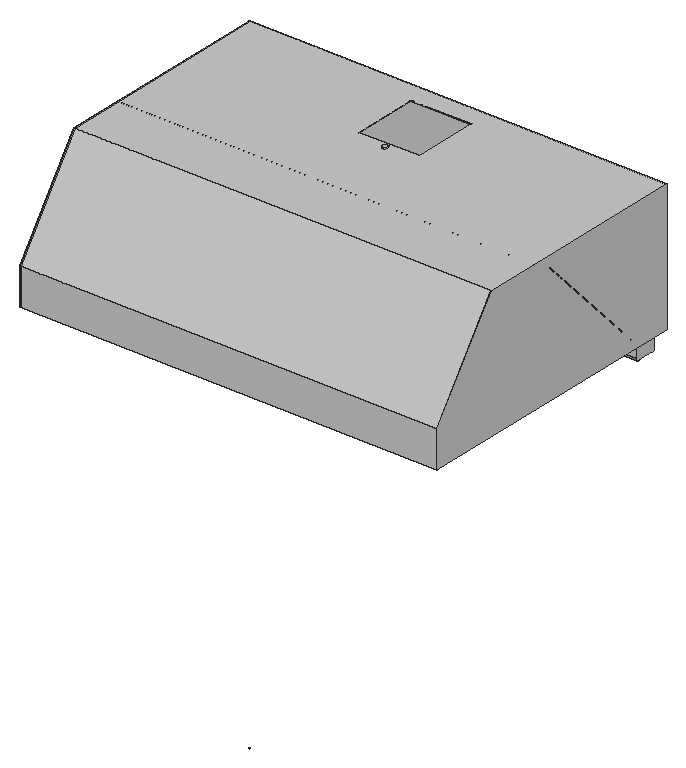
Revit family "QF_ELECTROLUXPROFESSIONAL_644234_ABPV1116DT", category Attrezzature speciali, Revit 2021
Family settings
  Quota connettore circolare = Usa diametro
  Tipo di parte = Normale
  Basato su piano di lavoro = No
  Sempre verticale = Sì
  Taglio con vuoti quando caricato = No
  Condiviso = No
  Punto di calcolo locali = No
Parameters (values of type "Standard")
  Weight = 52.00 kg
  Watts = 550 W
  Volts = 220 V
  URL Manufacturer = "https://www.electroluxprofessional.com/"
  URL = "https://www.electroluxprofessional.com/"
  Steam Supply Size = 0 mm
  Steam Supply Minimum Pressure = 0.0 Pa
  Steam Supply Maximum Pressure = 0.0 Pa
  Steam Consumption per Hour = 0
  Refrigeration Suction Line Size = 0 mm
  Refrigeration Liquid Line Size = 0 mm
  Refrigerant Compressor Remote = yes
  Prospetto di default = 0 mm
  Produttore = "Electrolux Professional"
  Phase = 1
  Modello = "ABPV1116DT"
  Length Actual = 1600 mm  # constant formula
  Item Number = "644234"
  Hot Water Size = 0 mm
  Height Actual = 500 mm  # constant formula
  HP = "0.7 HP"
  Gas Size = 0 mm
  Gas KW = 0
  Gas Input Pressure = 0 W
  Direct Waste Size = 0 mm
  Descrizione = "304 S/S WALL HOOD+FILTER+FAN 1600X1100MM"
  Depth Actual = 1100 mm  # constant formula
  Cycle = 50 Hz
  Condensate Return Size = 0 mm
  Compressed Air Volume = 0.0 L/s
  Compressed Air Size = 0 mm
  Compressed Air Pressure = 0.0 Pa
  Cold Water Size = 0 mm
  Accessory = yes
Reference planes
  plane 1 "Center (Front/Back)": y = 0
  plane 2: z = 0
  plane 3 "Center (Left/Right)": x = 150
  plane 4 "LEFT": x = -650
  plane 5 "RIGHT": x = 950
  plane 6 "BACK": y = 550
  plane 7 "FRONT": y = -550
  plane 8 "TOP": z = 2500
  plane 9 "Base": z = 2000
  plane 10: z = 1926
  plane 11 "DrainY": y = 485
  plane 12: x = -647
  plane 13: through (0, 414.509, 2000.8) normal (0, 0.7314, 0.682)
  plane 14: y = 470
  plane 15: y = 220
  plane 16 "DrainX": x = 830
  plane 17: x = 33.5
  plane 18: x = 266.5
  plane 19: x = 947
  plane 20: x = 740
  plane 21: x = 920
  plane 22: x = -450
  plane 23: x = 750
  plane 24: x = -47.5
  plane 25: x = 347.5
  plane 26: z = 2140
  plane 27: y = -290
  plane 28: y = 200
Forms (mm)
  Extrusion 1, solid, material "QF_Finishes_Stainless Steel"
    sketch origin (-650, 0, 360) x (0, 1, 0) y (0, 0, 1)
      loop
        line (550, 1640) -> (550, 2140) -> (-290, 2140) -> (-550, 1780) -> (-550, 1640) -> (550, 1640)
    from 0 to 3
  Extrusion 2, solid, material "QF_Finishes_Stainless Steel"
    sketch origin (150, 0, 360) x (0, 1, 0) y (0, 0, 1)
      loop
        line (415.255, 1640) -> (550, 1640) -> (550, 2139.19) -> (549.2, 2139.19) -> (549.2, 1640.8) -> (415.876, 1640.8) -> (339.347, 1722.867) -> (349.609, 1732.436) -> (348.927, 1733.167) -> (337.934, 1722.917) -> (415.255, 1640)
      loop
        line (-82.203, 2139.19) -> (-82.203, 2118.6) -> (-31.047, 2118.6) -> (34.354, 2048.466) -> (46.028, 2059.352) -> (45.346, 2060.083) -> (34.403, 2049.879) -> (-30.612, 2119.6) -> (-81.203, 2119.6) -> (-81.203, 2139.19) -> (-82.203, 2139.19)
    from -797 to 797
  Extrusion 3, solid, material "QF_Finishes_Stainless Steel"
    sketch origin (950, 0, 360) x (0, 1, 0) y (0, 0, 1)
      loop
        line (550, 1640) -> (550, 2140) -> (-290, 2140) -> (-550, 1780) -> (-550, 1640) -> (550, 1640)
    from 0 to -3
  Extrusion 4, solid, material "QF_Finishes_Stainless Steel"
    sketch origin (150, 0, 360) x (0, 1, 0) y (0, 0, 1)
      loop
        line (-290, 2140) -> (-550, 1780) -> (-550, 1640) -> (-549.2, 1640) -> (-549.2, 1779.741) -> (-289.598, 2139.19) -> (550, 2139.19) -> (550, 2140) -> (-290, 2140)
    from -800 to 800
  Extrusion 5, solid, material "QF_Finishes_Stainless Steel"
    sketch origin (150, 0, 360) x (0, 1, 0) y (0, 0, 1)
      loop
        line (534, 1640) -> (436, 1640) -> (436, 1627) -> (443.5, 1627) -> (443.5, 1576)
        arc (443.5, 1576) -> (446.429, 1568.929) -> (453.5, 1566) r 10
        line (453.5, 1566) -> (516.5, 1566)
        arc (516.5, 1566) -> (523.571, 1568.929) -> (526.5, 1576) r 10
        line (526.5, 1576) -> (526.5, 1627) -> (534, 1627) -> (534, 1640)
    from 590 to 770
  Extrusion 6, solid, material "QF_Finishes_Stainless Steel"
    sketch origin (0, 0, 2000) x (0, 1, 0) y (-1, 0, 0)
      loop
        circle (485, -830) r 20
    from -76 to -74
  Extrusion 7, solid, material "QF_Finished_Chrome"
    sketch origin (150, 0, 360) x (0, 1, 0) y (0, 0, 1)
      loop
        line (337.934, 1722.917) -> (341.591, 1726.327) -> (38.011, 2051.876) -> (34.354, 2048.466) -> (337.934, 1722.917)
    from -197.5 to -600
  Extrusion 8, solid, material "QF_Finishes_Stainless Steel"
    sketch origin (150, 0, 360) x (0, 1, 0) y (0, 0, 1)
      loop
        line (337.934, 1722.917) -> (341.591, 1726.327) -> (38.011, 2051.876) -> (34.354, 2048.466) -> (337.934, 1722.917)
    from 797 to 600
  Extrusion 9, solid, material "QF_Finished_Chrome"
    sketch origin (150, 0, 360) x (0, 1, 0) y (0, 0, 1)
      loop
        line (341.588, 1726.324) -> (38.009, 2051.874) -> (34.354, 2048.466) -> (337.934, 1722.917) -> (341.588, 1726.324)
    from 197.5 to 600
  Extrusion 10, void
    sketch origin (0, 0, 2500) x (0, 1, 0) y (-1, 0, 0)
      loop
        line (470, -266.5) -> (470, -33.5) -> (220, -33.5) -> (220, -266.5) -> (470, -266.5)
    from 0 to -10
  Extrusion 11, solid, material "QF_Finishes_Stainless Steel"
    sketch origin (0, 0, 0) x (1, 0, 0) y (0, 1, 0)
      loop
        line (-650, 550) -> (-650, 549) -> (-649, 549) -> (-649, 550) -> (-650, 550)
    from 0 to 1
  Extrusion 12, solid, material "QF_Finishes_Stainless Steel"
    sketch origin (150, 0, 360) x (0, 1, 0) y (0, 0, 1)
      loop
        line (337.934, 1722.917) -> (341.591, 1726.327) -> (38.011, 2051.876) -> (34.354, 2048.466) -> (337.934, 1722.917)
    from -600 to -797
  Extrusion 13, solid, material "QF_Finishes_Stainless Steel"
    sketch origin (150, 0, 360) x (0, 1, 0) y (0, 0, 1)
      loop
        line (337.934, 1722.917) -> (341.591, 1726.327) -> (38.011, 2051.876) -> (34.354, 2048.466) -> (337.934, 1722.917)
    from 197.5 to -197.5
  Extrusion 14, solid, material "QF_Finishes_Stainless Steel"
    sketch origin (0, 0, 2500) x (0, 1, 0) y (-1, 0, 0)
      loop
        circle (200, -150) r 10
    from 0 to 1.6
Cuts and joins
  Extrusion 10 cuts Extrusion 4
  joined: Extrusion 2, Extrusion 4
Lines and regions (mm)
  reference lines
    curve 1: line (150, 34.354, 2408.466) -> (150, 34.354, 2248.466)
  symbolic lines, style "SpecialityEquipment", detail levels coarse
    curve 2: line (950, 550, 2500) -> (-650, 550, 2500)
    curve 3: line (-650, 550, 2500) -> (-650, -550, 2500)
    curve 4: line (950, -550, 2500) -> (950, 550, 2500)
    curve 5: line (-650, -550, 2500) -> (950, -550, 2500)
    curve 6: line (266.5, 220, 2500) -> (33.5, 220, 2500)
    curve 7: line (266.5, 470, 2500) -> (266.5, 220, 2500)
    curve 8: line (33.5, 470, 2500) -> (266.5, 470, 2500)
    curve 9: line (33.5, 220, 2500) -> (33.5, 470, 2500)
    curve 10: line (950, -289.598, 0) -> (-650, -289.598, 0)
    curve 11: line (-650, -289.598, 0) -> (950, 550, 0)
    curve 12: line (-650, 550, 0) -> (950, -289.598, 0)
Dimensions and locks
  plane 4 "LEFT" to plane 5 "RIGHT" = 1600 mm
  equal spacing: plane 4 "LEFT", plane 3 "Center (Left/Right)", plane 5 "RIGHT"
  locked: plane 8 "TOP" to plane 9 "Base" at 500
  plane 9 "Base" to plane 10 = 74 mm
  plane 6 "BACK" to plane 11 "DrainY" = 65 mm  (x2)
  plane 4 "LEFT" to plane 12 = 3 mm
  plane 6 "BACK" to plane 14 = 80 mm
  plane 14 to plane 15 = 250 mm  (x2)
  plane 16 "DrainX" to plane 5 "RIGHT" = 120 mm
  plane 19 to plane 5 "RIGHT" = 3 mm
  locked: plane 20 to plane 16 "DrainX" at 90
  locked: plane 16 "DrainX" to plane 21 at 90
  plane 6 "BACK" to plane 7 "FRONT" = 1100 mm  (x2)
  equal spacing: plane 6 "BACK", plane 1 "Center (Front/Back)", plane 7 "FRONT"
  plane 15 to plane 7 "FRONT" = 770 mm
  plane 14 to plane 6 "BACK" = 80 mm
  plane 4 "LEFT" to plane 22 = 200 mm
  plane 23 to plane 5 "RIGHT" = 200 mm
  locked: plane 24 to plane 25 at 395
  equal spacing: plane 24, plane 3 "Center (Left/Right)", plane 25
  locked: plane 17 to plane 18 at 233
  equal spacing: plane 17, plane 3 "Center (Left/Right)", plane 18
  locked: plane 9 "Base" to level at 2000
  plane 26 to plane 9 "Base" = 140 mm
  plane 27 to plane 7 "FRONT" = 260 mm
  plane 15 to plane 28 = 20 mm
  aligned and locked: level to plane 2
  aligned and locked: Extrusion 2 to Extrusion 1
  aligned and locked: Extrusion 2 to Extrusion 3
  aligned and locked: plane 5 "RIGHT" to Extrusion 4
  aligned and locked: Extrusion 4 to plane 4 "LEFT"
  aligned and locked: plane 19 to Extrusion 8
  aligned and locked: Extrusion 10 to plane 17
  aligned and locked: Extrusion 10 to plane 15
  aligned and locked: Extrusion 10 to plane 14
  aligned and locked: Extrusion 2 to Extrusion 4
  aligned and locked: plane 21 to Extrusion 5
  aligned and locked: Extrusion 5 to plane 20
  aligned and locked: Extrusion 8 to plane 23
  aligned and locked: Extrusion 9 to plane 23
  aligned and locked: Extrusion 7 to plane 22
  aligned and locked: Extrusion 12 to plane 12
  aligned and locked: plane 22 to Extrusion 12
  aligned and locked: Extrusion 3 to plane 19
  aligned and locked: Extrusion 10 to plane 18
  aligned and locked: plane 18 to curve 7
  aligned and locked: plane 25 to Extrusion 13
  aligned and locked: Extrusion 13 to plane 24
  aligned and locked: Extrusion 9 to plane 25
Automatic sketch dimensions
  curve 5 to plane 5 "RIGHT" = 0 mm
  curve 5 to plane 7 "FRONT" = 0 mm
  curve 6 to plane 15 = 0 mm
  plane 14 to curve 8 = 0 mm
  curve 3 to plane 4 "LEFT" = 0 mm
  curve 3 to plane 6 "BACK" = 0 mm
  curve 6 to plane 17 = 0 mm
  Extrusion 2 sketch curve to plane 13 = 0 mm  (x3)
  Extrusion 2 sketch curve to plane 9 "Base" = 0 mm
  plane 13 to Extrusion 2 sketch curve = 0 mm
  Extrusion 2 sketch curve to plane 6 "BACK" = 0 mm
  Extrusion 2 sketch curve to Extrusion 2 sketch curve = 65.646 mm
  Extrusion 2 sketch curve to Extrusion 2 sketch curve = 0.682 mm  (x2)
  Extrusion 2 sketch curve to Extrusion 2 sketch curve = 10.261 mm
  plane 9 "Base" to Extrusion 2 sketch curve = 82.917 mm
  Extrusion 2 sketch curve to plane 1 "Center (Front/Back)" = 46.028 mm
  Extrusion 2 sketch curve to Extrusion 2 sketch curve = 10.942 mm
  Extrusion 2 sketch curve to Extrusion 2 sketch curve = 0.049 mm
  Extrusion 2 sketch curve to plane 8 "TOP" = 20.4 mm
  Extrusion 2 sketch curve to plane 8 "TOP" = 21.4 mm
  Extrusion 2 sketch curve to plane 8 "TOP" = 0.81 mm  (x2)
  Extrusion 2 sketch curve to Extrusion 2 sketch curve = 50.156 mm
  Extrusion 2 sketch curve to Extrusion 2 sketch curve = 1 mm
  plane 9 "Base" to Extrusion 2 sketch curve = 0.8 mm
  Extrusion 2 sketch curve to plane 6 "BACK" = 0.8 mm
  curve 1 to plane 13 = 0 mm
  curve 1 to plane 1 "Center (Front/Back)" = 34.354 mm
  Extrusion 5 sketch curve to plane 9 "Base" = 0 mm
  Extrusion 5 sketch curve to plane 10 = 0 mm
  Extrusion 5 sketch curve to plane 9 "Base" = 13 mm  (x2)
  plane 14 to Extrusion 5 sketch curve = 34 mm
  Extrusion 5 sketch curve to Extrusion 5 sketch curve = 7.5 mm  (x2)
  Extrusion 5 sketch curve to Extrusion 5 sketch curve = 10 mm
  plane 11 "DrainY" to Extrusion 5 sketch curve = 31.5 mm
  Extrusion 5 sketch curve to plane 6 "BACK" = 23.5 mm
  Extrusion 6 sketch curve to plane 11 "DrainY" = 0 mm
  Extrusion 6 sketch curve to plane 16 "DrainX" = 0 mm
  Extrusion 7 sketch curve to plane 13 = 0 mm  (x2)
  Extrusion 7 sketch curve to plane 1 "Center (Front/Back)" = 34.354 mm
  Extrusion 7 sketch curve to Extrusion 7 sketch curve = 3.657 mm
  plane 9 "Base" to Extrusion 7 sketch curve = 82.917 mm
  Extrusion 8 sketch curve to plane 13 = 0 mm  (x2)
  Extrusion 8 sketch curve to plane 1 "Center (Front/Back)" = 34.354 mm
  Extrusion 8 sketch curve to Extrusion 8 sketch curve = 3.657 mm
  plane 9 "Base" to Extrusion 8 sketch curve = 82.917 mm
  Extrusion 9 sketch curve to plane 13 = 0 mm  (x2)
  Extrusion 9 sketch curve to plane 1 "Center (Front/Back)" = 34.354 mm
  Extrusion 9 sketch curve to Extrusion 9 sketch curve = 3.655 mm
  plane 9 "Base" to Extrusion 9 sketch curve = 82.917 mm
  Extrusion 10 sketch curve to plane 15 = 0 mm
  plane 14 to Extrusion 10 sketch curve = 0 mm
  Extrusion 10 sketch curve to plane 18 = 0 mm
  Extrusion 10 sketch curve to plane 17 = 0 mm
  Extrusion 11 sketch curve to plane 4 "LEFT" = 0 mm
  Extrusion 11 sketch curve to plane 6 "BACK" = 0 mm
  plane 4 "LEFT" to Extrusion 11 sketch curve = 1 mm
  Extrusion 11 sketch curve to Extrusion 11 sketch curve = 1 mm
  Extrusion 12 sketch curve to plane 13 = 0 mm  (x2)
  Extrusion 12 sketch curve to plane 1 "Center (Front/Back)" = 34.354 mm
  Extrusion 12 sketch curve to Extrusion 12 sketch curve = 3.657 mm
  plane 9 "Base" to Extrusion 12 sketch curve = 82.917 mm
  Extrusion 13 sketch curve to plane 13 = 0 mm  (x2)
  Extrusion 13 sketch curve to plane 1 "Center (Front/Back)" = 34.354 mm
  Extrusion 13 sketch curve to Extrusion 13 sketch curve = 3.657 mm
  plane 9 "Base" to Extrusion 13 sketch curve = 82.917 mm
  curve 1 to curve 1 = 160 mm
  Extrusion 4 sketch curve to plane 7 "FRONT" = 0 mm
  Extrusion 4 sketch curve to plane 8 "TOP" = 0 mm
  Extrusion 4 sketch curve to plane 27 = 0 mm
  Extrusion 4 sketch curve to plane 6 "BACK" = 0 mm
  Extrusion 4 sketch curve to plane 26 = 0 mm
  Extrusion 4 sketch curve to Extrusion 4 sketch curve = 0.81 mm
  plane 7 "FRONT" to Extrusion 4 sketch curve = 0.8 mm
  Extrusion 4 sketch curve to plane 27 = 0.402 mm
  Extrusion 4 sketch curve to plane 9 "Base" = 0 mm
  Extrusion 4 sketch curve to plane 26 = 0.259 mm
  Extrusion 1 sketch curve to plane 6 "BACK" = 0 mm
  Extrusion 1 sketch curve to plane 9 "Base" = 0 mm
  Extrusion 1 sketch curve to plane 8 "TOP" = 0 mm
  Extrusion 1 sketch curve to plane 7 "FRONT" = 0 mm
  Extrusion 1 sketch curve to plane 27 = 0 mm
  Extrusion 1 sketch curve to plane 26 = 0 mm
  Extrusion 3 sketch curve to plane 7 "FRONT" = 0 mm
  Extrusion 3 sketch curve to plane 6 "BACK" = 0 mm
  Extrusion 3 sketch curve to plane 9 "Base" = 0 mm
  Extrusion 3 sketch curve to plane 8 "TOP" = 0 mm
  Extrusion 3 sketch curve to plane 27 = 0 mm
  Extrusion 3 sketch curve to plane 26 = 0 mm
  curve 10 to plane 4 "LEFT" = 0 mm
  curve 12 to plane 4 "LEFT" = 0 mm
  curve 11 to plane 5 "RIGHT" = 0 mm
  curve 12 to plane 5 "RIGHT" = 0 mm
  curve 12 to plane 6 "BACK" = 0 mm
  curve 11 to plane 6 "BACK" = 0 mm
  curve 11 to plane 27 = 0.402 mm
  Extrusion 14 sketch curve to plane 3 "Center (Left/Right)" = 0 mm
  plane 28 to Extrusion 14 sketch curve = 0 mm
  radius of Extrusion 6 sketch curve = 20 mm
  radius of Extrusion 14 sketch curve = 10 mm
Connectors
  piping at (830, 485, 1924), diameter 20
    settings: on Extrusion 6, index 1, connector inside diameter 609.6 mm, connector length 0 mm, flow factor 0, pipe flow 0.0 L/s, pressure drop 0.0 Pa, fitting loss kfactor 0, connector angle 0.00°, fixture units 0, engagement length 0 mm, angle of deflection 0.00°, flow configuration 1, flow direction 2, fitting loss method 0, system type 16, joint type 0, gender type 0, connector reference index -1, connector utility 0, adjustable connector no, is connector primary yes, connector description "Drain"
  hvac at (150, 345, 2500)
    settings: on Extrusion 10, index 2, duct flow 0.0 L/s, flow factor 0, pres drop 0.0 Pa, loss coef 0, conn angle 0.00°, conn width 250 mm, conn height 233 mm, conn diameter 609.6 mm, duct sys type 3, conn prof type 1, flow config 1, flow direction 2, loss method 0, conn ref index -1, conn util no, is conn primary yes, conn desc "EXHAUST OUTLET"
  electrical at (150, 200, 2501.6), driven by "Volts"
    settings: on Extrusion 14, index 3, voltage 220 V, apparent load 0 VA, apparent load phase1 0 VA, apparent load phase2 0 VA, apparent load phase3 0 VA, power factor 1, load classification "Other", number of poles 1, system type 30, power factor state 1, is connector primary yes, connector utility no, sub classification motor no, connector description "Electrical Connection"
